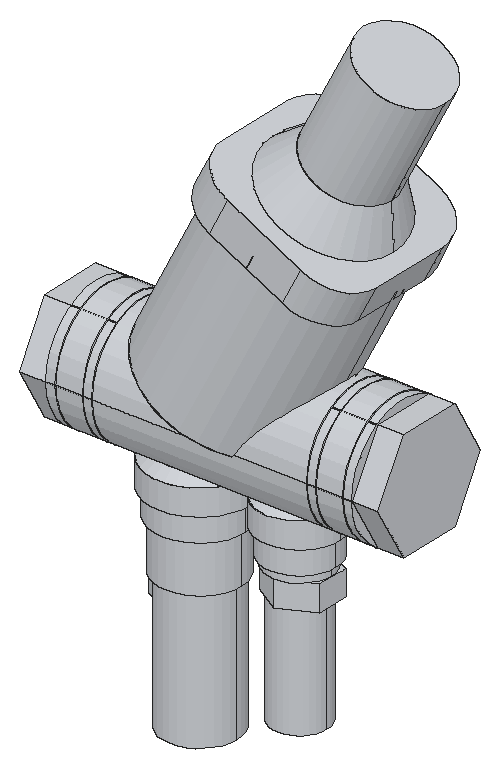
Revit family "Sigma_Compact_DN020 LF_s vyp_RFA_2018", category Pipe Accessories, Revit 2018
Family settings
  Round Connector Dimension = Use Diameter
  Part Type = Valve - Breaks Into
  Work Plane-Based = No
  Always vertical = Yes
  Cut with Voids When Loaded = No
  Shared = No
Parameters (values of type "Sigma Compact DN 20 LF s vypouštěním")
  magiProductId = "4441b8ffc9524b918ae82076b70c18"
  magiProductFamilyId = "b36b5fd198d64ff2a1a242d49e26b9"
  magiPartTypeId = 304
  isMeasuringValve [instance] = no
  ang2D [instance] = 0.00°
  Z6 = 26.1 mm
  Z5 = 60.9 mm
  Z4 = 52.2 mm
  Z3 = 8.7 mm
  Z2 = 43.5 mm
  XR2 = 25 mm
  XR1 = 13 mm
  W2D = 15 mm
  VersionID = "2.0/2018.12.13.2/FRESE_SIGMA_PLUG_Q13_001"
  Use Minimum Symbol Size [instance] = no
  URL = "www.hydronic.cz"
  Type Comments = "závitový; vnitřní závit; PN25; max dp=400kPa; -10~+120°C; max uzavírací tlak 1MPa"
  R4 = 15 mm
  R3 = 10 mm
  R2 = 14 mm
  R1 = 19 mm
  QmdConnectorList = "301;D;302;D"
  Productdata [instance] = ""
  NL__ve = -NL  # -15.8 mm
  NL = 15.8 mm
  Manufacturer = "Hydronic Systems Prague s.r.o."
  MC Use Limits From Balancing Method = no
  MC Throttling Minimum Value = 0
  MC Throttling Maximum Value = 0
  MC Product Code = "53-2222 DN20 FF s měřením a vypouštěním; (86-1550 l/h); kvs=4,0"
  MC Pressure Drop Minimum Value = 0.0 Pa
  MC Pressure Drop Maximum Value = 0.0 Pa
  MC Piping Given Pressure Drop [instance] = 0.0 Pa
  M5 = 33.7 mm
  M4 = 31.7 mm
  M3 = 25.7 mm
  M2 = 23.7 mm
  LP = 39.5 mm
  LM = 47.4 mm
  LL__ve = -LL  # -5.7 mm
  LLT__ve = -LLT  # -14.9 mm
  LLT = 14.9 mm
  LLL = 11 mm
  LL3 = 41 mm
  LL2 = 32 mm
  LL = 5.7 mm
  L3 = 11 mm
  L2D_Min = 30.48 mm
  L2D = 65 mm
  Description = "Automatický vyvažovací ventil"
  DR1 = yes
  DR0 = no
  DL2 = 66 mm
  D = 20 mm
  CenSd_R2_6 = R2 * cos(30.00°)  # 12.124 mm
  CAT0 = yes
  C0D1 = yes
  C0D0 = no
Types (3, lengths in mm): name | magiProductId | Z6 | Z5 | Z4 | Z3 | Z2 | R2 | NL__ve | NL | MC Product Code | M5 | M4 | M3 | M2 | LP | LM | LL__ve | LLT__ve | LLT | LL3 | LL2 | LL | DL2 | D | CenSd_R2_6
  Sigma Compact DN 15 LF s vypouštěním | "4da2706faa094394a6b47e72802cb6" | 26.1 | 60.9 | 52.2 | 8.7 | 43.5 | 14 | -15 | 15 | "53-2220 DN15 FF s měřením a vypouštěním; (40-900 l/h); kvs=2,6" | 32.5 | 30.5 | 24.5 | 22.5 | 37.5 | 45 | -5.7 | -14.9 | 14.9 | 41 | 32 | 5.7 | 66 | 15 | 12.124
  Sigma Compact DN 20 LF s vypouštěním | "4441b8ffc9524b918ae82076b70c18" | 26.1 | 60.9 | 52.2 | 8.7 | 43.5 | 14 | -15.8 | 15.8 | "53-2222 DN20 FF s měřením a vypouštěním; (86-1550 l/h); kvs=4,0" | 33.7 | 31.7 | 25.7 | 23.7 | 39.5 | 47.4 | -5.7 | -14.9 | 14.9 | 41 | 32 | 5.7 | 66 | 20 | 12.124
  Sigma Compact DN 25 LF s vypouštěním | "c12e4a96aaac41ec97144b6aa94874" | 27 | 63 | 54 | 9 | 45 | 18 | -16.6 | 16.6 | "53-2228 DN25 FF s měřením a vypouštěním; (95-2000 l/h); kvs=3,9" | 34.9 | 32.9 | 26.9 | 24.9 | 41.5 | 49.8 | -5.9 | -16.3 | 16.3 | 43 | 34 | 5.9 | 68 | 25 | 15.588
Reference planes
  plane 1 "Center (Front/Back)": y = 0
  plane 2 "XYPLANE": z = 0
  plane 3 "Center (Left/Right)": x = 0
  plane 4 "408": x = 39.5
  plane 5 "407": x = -39.5
  plane 6 "404": z = -35.3
  plane 7 "403": z = -41
  plane 8 "402": z = -66
  plane 9 "213": x = -11
  plane 10 "168": z = -10.9
  plane 11 "167": z = -12.9
  plane 12 "166": z = -18.6
  plane 13 "165": z = -24.3
  plane 14 "164": z = -26.3
  plane 15 "154": z = 0
  plane 16 "152": y = 0
  plane 17 "151": z = -32
  plane 18 "150": x = 11
  plane 19 "75": through (318.218, 0, 679.605) normal (0.891, 0, -0.454)
  plane 20 "74": x = 33.7
  plane 21 "73": x = 31.7
  plane 22 "72": x = 25.7
  plane 23 "71": x = 23.7
  plane 24 "70": x = -33.7
  plane 25 "69": x = -31.7
  plane 26 "68": x = -25.7
  plane 27 "67": y = 0
  plane 28 "66": through (-666.893, 0, 343.166) normal (0.454, 0, 0.891)
  plane 29 "65": x = -23.7
  plane 30 "64": through (335.147, 0, 670.979) normal (0.891, 0, -0.454)
  plane 31 "63": through (-648.506, 0, 379.252) normal (0.454, 0, 0.891)
  plane 32 "62": through (352.076, 0, 662.353) normal (0.891, 0, -0.454)
  plane 33 "61": y = 19
  plane 34 "60": y = -19
  plane 35 "59": through (-644.557, 0, 387.003) normal (0.454, 0, 0.891)
  plane 36 "58": through (-640.607, 0, 394.755) normal (0.454, 0, 0.891)
  plane 37 "56": x = 0
  plane 38 "55": through (-668.255, 0, 340.493) normal (0.454, 0, 0.891)
  plane 39 "102XY": through (-668.255, 0, 340.493) normal (0.454, 0, 0.891)
  plane 40 "102XZ": y = 0
  plane 41 "102YZ": through (340.493, 0, 668.255) normal (0.891, 0, -0.454)
Forms (mm)
  Extrusion 1, solid
    sketch origin (39.5, -750, 0) x (0, 1, 0) y (0, 0, 1)
      loop
        line (764, 0) -> (757, 12.124) -> (743, 12.124) -> (736, 0) -> (743, -12.124) -> (757, -12.124) -> (764, 0)
    from 0 to -15.8 <- "NL__ve"
  Extrusion 2, solid
    sketch origin (-39.5, -750, 0) x (0, 1, 0) y (0, 0, 1)
      loop
        line (736, 0) -> (743, -12.124) -> (757, -12.124) -> (764, 0) -> (757, 12.124) -> (743, 12.124) -> (736, 0)
    from 0 to 15.8 <- "NL"
  Extrusion 3, solid, visible <- "C0D1"
    sketch origin (-750, 0, -66) x (1, 0, 0) y (0, 1, 0)
      loop
        circle (739, 0) r 8.2
    from 0 to 50
  Extrusion 4, solid, visible <- "DR1"
    sketch origin (-750, 0, -35.3) x (1, 0, 0) y (0, 1, 0)
      loop
        line (739, -8) -> (745.928, -4) -> (745.928, 4) -> (739, 8) -> (730.872, 4) -> (730.872, -4) -> (739, -8)
    from 0 to -5.7 <- "LL__ve"
  Extrusion 5, solid, visible <- "DR1"
    sketch origin (-750, 0, -35.3) x (1, 0, 0) y (0, 1, 0)
      loop
        circle (739, 0) r 9.2
    from 0 to 11 <- "LLL"
  Extrusion 6, solid, visible <- "DR1"
    sketch origin (-750, 0, -24.3) x (1, 0, 0) y (0, 1, 0)
      loop
        circle (739, 0) r 10.2
    from 0 to 5.7 <- "LL"
  Extrusion 7, solid, visible <- "DR1"
    sketch origin (-750, 0, -18.6) x (1, 0, 0) y (0, 1, 0)
      loop
        circle (739, 0) r 11.2
    from 0 to 5.7 <- "LL"
  Blend 8, solid, visible <- "DR1"
    base sketch origin (-750, 0, -10.9) x (1, 0, 0) y (0, 1, 0)
      loop
        circle (739, 0) r 8.7
    top sketch origin (-750, 0, -10.9) x (1, 0, 0) y (0, 1, 0)
      loop
        circle (739, 0) r 11.2
    from 0 to -2
  Extrusion 9, solid, visible <- "DR1"
    sketch origin (-750, 0, 0) x (1, 0, 0) y (0, 1, 0)
      loop
        circle (739, 0) r 8.7
    from 0 to -14.9 <- "LLT__ve"
  Extrusion 10, solid, visible <- "C0D0"
    sketch origin (-750, 0, -32) x (1, 0, 0) y (0, 1, 0)
      loop
        circle (739, 0) r 7.2
    from 0 to -25
  Extrusion 11, solid, visible <- "DR0"
    sketch origin (-750, 0, -26.3) x (1, 0, 0) y (0, 1, 0)
      loop
        line (739, -7) -> (745.062, -3.5) -> (745.062, 3.5) -> (739, 7) -> (731.738, 3.5) -> (731.738, -3.5) -> (739, -7)
    from 0 to -5.7 <- "LL__ve"
  Extrusion 12, solid, visible <- "DR0"
    sketch origin (-750, 0, -26.3) x (1, 0, 0) y (0, 1, 0)
      loop
        circle (739, 0) r 8.2
    from 0 to 2
  Extrusion 13, solid, visible <- "DR0"
    sketch origin (-750, 0, -18.6) x (1, 0, 0) y (0, 1, 0)
      loop
        circle (739, 0) r 10.2
    from 0 to 5.7 <- "LL"
  Blend 14, solid, visible <- "DR0"
    base sketch origin (-750, 0, -10.9) x (1, 0, 0) y (0, 1, 0)
      loop
        circle (739, 0) r 7.7
    top sketch origin (-750, 0, -10.9) x (1, 0, 0) y (0, 1, 0)
      loop
        circle (739, 0) r 10.2
    from 0 to -2
  Extrusion 15, solid, visible <- "DR0"
    sketch origin (-750, 0, 0) x (1, 0, 0) y (0, 1, 0)
      loop
        circle (739, 0) r 7.7
    from 0 to -14.9 <- "LLT__ve"
  Extrusion 16, solid, visible <- "DR0"
    sketch origin (-750, 0, 0) x (1, 0, 0) y (0, 1, 0)
      loop
        circle (739, 0) r 7.7
    from 0 to -14.9 <- "LLT__ve"
  Blend 17, solid, visible <- "DR0"
    base sketch origin (-750, 0, -10.9) x (1, 0, 0) y (0, 1, 0)
      loop
        circle (739, 0) r 7.7
    top sketch origin (-750, 0, -10.9) x (1, 0, 0) y (0, 1, 0)
      loop
        circle (739, 0) r 10.2
    from 0 to -2
  Extrusion 18, solid, visible <- "DR0"
    sketch origin (-750, 0, -18.6) x (1, 0, 0) y (0, 1, 0)
      loop
        circle (739, 0) r 10.2
    from 0 to 5.7 <- "LL"
  Extrusion 19, solid, visible <- "DR0"
    sketch origin (-750, 0, -24.3) x (1, 0, 0) y (0, 1, 0)
      loop
        circle (739, 0) r 9.2
    from 0 to 5.7 <- "LL"
  Extrusion 20, solid, visible <- "DR0"
    sketch origin (-750, 0, -26.3) x (1, 0, 0) y (0, 1, 0)
      loop
        circle (739, 0) r 8.2
    from 0 to 2
  Extrusion 21, solid, visible <- "DR0"
    sketch origin (-750, 0, -26.3) x (1, 0, 0) y (0, 1, 0)
      loop
        line (739, -7) -> (745.062, -3.5) -> (745.062, 3.5) -> (739, 7) -> (731.738, 3.5) -> (731.738, -3.5) -> (739, -7)
    from 0 to -5.7 <- "LL__ve"
  Extrusion 22, solid, visible <- "C0D0"
    sketch origin (-750, 0, -32) x (1, 0, 0) y (0, 1, 0)
      loop
        circle (739, 0) r 7.2
    from 0 to -25
  Extrusion 23, solid, visible <- "CAT0"
    sketch origin (-750, 0, -32) x (1, 0, 0) y (0, 1, 0)
      loop
        circle (761, 0) r 6
    from 0 to -25
  Extrusion 24, solid
    sketch origin (-750, 0, -26.3) x (1, 0, 0) y (0, 1, 0)
      loop
        line (761, -7) -> (768.262, -3.5) -> (768.262, 3.5) -> (761, 7) -> (754.938, 3.5) -> (754.938, -3.5) -> (761, -7)
    from 0 to -5.7 <- "LL__ve"
  Extrusion 25, solid
    sketch origin (-750, 0, -26.3) x (1, 0, 0) y (0, 1, 0)
      loop
        circle (761, 0) r 7
    from 0 to 2
  Extrusion 26, solid
    sketch origin (-750, 0, -24.3) x (1, 0, 0) y (0, 1, 0)
      loop
        circle (761, 0) r 8
    from 0 to 5.7 <- "LL"
  Extrusion 27, solid
    sketch origin (-750, 0, -18.6) x (1, 0, 0) y (0, 1, 0)
      loop
        circle (761, 0) r 9
    from 0 to 5.7 <- "LL"
  Blend 28, solid
    base sketch origin (-750, 0, -10.9) x (1, 0, 0) y (0, 1, 0)
      loop
        circle (761, 0) r 6.5
    top sketch origin (-750, 0, -10.9) x (1, 0, 0) y (0, 1, 0)
      loop
        circle (761, 0) r 9
    from 0 to -2
  Extrusion 29, solid
    sketch origin (-750, 0, 0) x (1, 0, 0) y (0, 1, 0)
      loop
        circle (761, 0) r 6.5
    from 0 to -14.9 <- "LLT__ve"
  Blend 30, solid, visible <- "CAT0"
    base sketch origin (31.7, -750, 0) x (0, 1, 0) y (0, 0, 1)
      loop
        circle (750, 0) r 14
    top sketch origin (31.7, -750, 0) x (0, 1, 0) y (0, 0, 1)
      loop
        circle (750, 0) r 14
    from 0 to 2
  Extrusion 31, solid, visible <- "CAT0"
    sketch origin (25.7, -750, 0) x (0, 1, 0) y (0, 0, 1)
      loop
        circle (750, 0) r 14
    from 0 to 6
  Blend 32, solid, visible <- "CAT0"
    base sketch origin (23.7, -750, 0) x (0, 1, 0) y (0, 0, 1)
      loop
        circle (750, 0) r 14
    top sketch origin (23.7, -750, 0) x (0, 1, 0) y (0, 0, 1)
      loop
        circle (750, 0) r 14
    from 0 to 2
  Blend 33, solid, visible <- "CAT0"
    base sketch origin (-31.7, -750, 0) x (0, 1, 0) y (0, 0, 1)
      loop
        circle (750, 0) r 14
    top sketch origin (-31.7, -750, 0) x (0, 1, 0) y (0, 0, 1)
      loop
        circle (750, 0) r 14
    from 0 to -2
  Extrusion 34, solid, visible <- "CAT0"
    sketch origin (-31.7, -750, 0) x (0, 1, 0) y (0, 0, 1)
      loop
        circle (750, 0) r 14
    from 0 to 6
  Blend 35, solid, visible <- "CAT0"
    base sketch origin (-25.7, -750, 0) x (0, 1, 0) y (0, 0, 1)
      loop
        circle (750, 0) r 14
    top sketch origin (-25.7, -750, 0) x (0, 1, 0) y (0, 0, 1)
      loop
        circle (750, 0) r 14
    from 0 to 2
  Extrusion 36, solid, visible <- "CAT0"
    sketch origin (-23.7, -750, 0) x (0, 1, 0) y (0, 0, 1)
      loop
        circle (750, 0) r 14
    from 0 to 47.4 <- "LM"
  Extrusion 37, solid, visible <- "CAT0"
    sketch origin (-666.893, 0, 343.166) x (0.891007, 0, -0.45399) y (0, 1, 0)
      loop
        circle (744, 0) r 19
    from 0 to 43.5 <- "Z2"
  Extrusion 38, solid, visible <- "CAT0"
    sketch origin (-648.506, 0, 379.252) x (0.891007, 0, -0.45399) y (0, 1, 0)
      loop
        arc (735, 19) -> (727.929, 16.071) -> (725, 9) r 10
        line (725, 9) -> (725, -9)
        arc (725, -9) -> (727.929, -16.071) -> (735, -19) r 10
        line (735, -19) -> (753, -19)
        arc (753, -19) -> (760.071, -16.071) -> (763, -9) r 10
        line (763, -9) -> (763, 9)
        arc (763, 9) -> (760.071, 16.071) -> (753, 19) r 10
        line (753, 19) -> (735, 19)
    from 0 to 8.7 <- "Z3"
  Blend 39, solid, visible <- "CAT0"
    base sketch origin (-644.557, 0, 387.003) x (0.891007, 0, -0.45399) y (0, 1, 0)
      loop
        circle (744, 0) r 15
    top sketch origin (-644.557, 0, 387.003) x (0.891007, 0, -0.45399) y (0, 1, 0)
      loop
        circle (744, 0) r 10
    from 0 to 8.7
  Extrusion 40, solid, visible <- "CAT0"
    sketch origin (-640.607, 0, 394.755) x (0.891007, 0, -0.45399) y (0, 1, 0)
      loop
        circle (744, 0) r 10
    from 0 to 26.1 <- "Z6"
  Blend 41, solid, visible <- "CAT0"
    base sketch origin (-668.255, 0, 340.493) x (0.891007, 0, -0.45399) y (0, 1, 0)
      loop
        circle (744, 0) r 15
    top sketch origin (-668.255, 0, 340.493) x (0.891007, 0, -0.45399) y (0, 1, 0)
      loop
        circle (744, 0) r 19
    from 0 to 3
  Extrusion 42, solid, not visible
    sketch origin (-33.7, -750, 0) x (0, 1, 0) y (0, 0, 1)
      loop
        circle (750, 0) r 10
    from 0 to 10
  Extrusion 43, solid, not visible
    sketch origin (33.7, -750, 0) x (0, 1, 0) y (0, 0, 1)
      loop
        circle (750, 0) r 10
    from 0 to -10
Lines and regions (mm)
  reference lines, not visible
    curve 1: circle (2, 2, 0) r 1 normal (0, 0, 1)
  reference lines
    curve 2: line (39.5, 0, 0) -> (39.5, -3.5, 6.062)
    curve 3: line (39.5, 0, 0) -> (39.5, -7, 0)
    curve 4: line (39.5, 0, 0) -> (39.5, -3.5, -6.062)
    curve 5: line (-39.5, 0, 0) -> (-39.5, 3.5, 6.062)
    curve 6: line (-39.5, 0, 0) -> (-39.5, 7, 0)
    curve 7: line (-39.5, 0, 0) -> (-39.5, 3.5, -6.062)
Dimensions and locks
  plane 1 "Center (Front/Back)" to curve 1 = 2 mm
  "LP": plane 37 "56" to plane 4 "408"
  "LP": plane 37 "56" to plane 5 "407"
  "LL": plane 7 "403" to plane 6 "404"
  "LL3": plane 2 "XYPLANE" to plane 7 "403"
  "DL2": plane 2 "XYPLANE" to plane 8 "402"
  "L3": plane 3 "Center (Left/Right)" to plane 9 "213"
  locked: plane 11 "167" to plane 10 "168" at 2
  "LL": plane 12 "166" to plane 11 "167"
  "LL": plane 13 "165" to plane 12 "166"
  locked: plane 14 "164" to plane 13 "165" at 2
  "LL": plane 17 "151" to plane 14 "164"
  locked: plane 2 "XYPLANE" to plane 15 "154"
  locked: plane 1 "Center (Front/Back)" to plane 16 "152"
  "LL2": plane 2 "XYPLANE" to plane 17 "151"
  "L3": plane 3 "Center (Left/Right)" to plane 18 "150"
  "XR2": plane 41 "102YZ" to plane 19 "75"
  "M5": plane 3 "Center (Left/Right)" to plane 20 "74"
  "M4": plane 3 "Center (Left/Right)" to plane 21 "73"
  "M3": plane 3 "Center (Left/Right)" to plane 22 "72"
  "M2": plane 3 "Center (Left/Right)" to plane 23 "71"
  "M5": plane 3 "Center (Left/Right)" to plane 24 "70"
  "M4": plane 3 "Center (Left/Right)" to plane 25 "69"
  "M3": plane 3 "Center (Left/Right)" to plane 26 "68"
  locked: plane 16 "152" to plane 27 "67"
  locked: plane 39 "102XY" to plane 28 "66" at 3
  "M2": plane 3 "Center (Left/Right)" to plane 29 "65"
  locked: plane 41 "102YZ" to plane 30 "64" at 6
  "Z2": plane 39 "102XY" to plane 31 "63"
  "XR1": plane 41 "102YZ" to plane 32 "62"
  "R1": plane 16 "152" to plane 33 "61"
  "R1": plane 16 "152" to plane 34 "60"
  "Z4": plane 39 "102XY" to plane 35 "59"
  "Z5": plane 39 "102XY" to plane 36 "58"
  locked: plane 3 "Center (Left/Right)" to plane 37 "56"
  locked: plane 39 "102XY" to plane 38 "55"
  "CenSd_R2_6": curve 2 to Extrusion 1 sketch curve  (x2)
  "CenSd_R2_6": curve 3 to Extrusion 1 sketch curve  (x2)
  "CenSd_R2_6": curve 4 to Extrusion 1 sketch curve  (x2)
  Extrusion 1 sketch curve to Extrusion 1 sketch curve = 0 mm  (x12)
  "CenSd_R2_6": curve 5 to Extrusion 2 sketch curve  (x2)
  "CenSd_R2_6": curve 6 to Extrusion 2 sketch curve  (x2)
  "CenSd_R2_6": curve 7 to Extrusion 2 sketch curve  (x2)
  Extrusion 2 sketch curve to Extrusion 2 sketch curve = 0 mm  (x12)
  Extrusion 4 sketch curve to Extrusion 4 sketch curve = 0 mm  (x12)
  Extrusion 11 sketch curve to Extrusion 11 sketch curve = 0 mm  (x12)
  Extrusion 21 sketch curve to Extrusion 21 sketch curve = 0 mm  (x12)
  Extrusion 24 sketch curve to Extrusion 24 sketch curve = 0 mm  (x12)
  Extrusion 38 sketch curve to Extrusion 38 sketch curve = 0 mm  (x16)
  "R2": radius of Blend 30 sketch curve  (x2)
  "R2": radius of Extrusion 31 sketch curve
  "R2": radius of Blend 32 sketch curve  (x2)
  "R2": radius of Blend 33 sketch curve  (x2)
  "R2": radius of Extrusion 34 sketch curve
  "R2": radius of Blend 35 sketch curve  (x2)
  "R2": radius of Extrusion 36 sketch curve
  "R1": radius of Extrusion 37 sketch curve
  radius of Extrusion 38 sketch curve = 10 mm  (x4)
  "R3": radius of Blend 39 sketch curve
  "R4": radius of Blend 39 sketch curve
  "R3": radius of Extrusion 40 sketch curve
  "R1": radius of Blend 41 sketch curve
  locked: curve 3 to curve 2 (angle 60.00°)
  locked: curve 4 to curve 3 (angle 60.00°)
  locked: curve 4 to curve 2 (angle 120.00°)
  locked: curve 6 to curve 5 (angle 60.00°)
  locked: curve 7 to curve 6 (angle 60.00°)
  locked: curve 7 to curve 5 (angle 120.00°)
  aligned and locked: level to plane 2 "XYPLANE"
  aligned and locked: plane 15 "154" to curve 4
  aligned and locked: curve 4 to plane 16 "152"
  aligned and locked: plane 15 "154" to curve 7
  aligned and locked: curve 7 to plane 16 "152"
  aligned and locked: plane 9 "213" to Extrusion 3 sketch curve
  aligned and locked: plane 16 "152" to Extrusion 3 sketch curve
  aligned and locked: plane 9 "213" to Extrusion 5 sketch curve
  aligned and locked: plane 16 "152" to Extrusion 5 sketch curve
  aligned and locked: plane 9 "213" to Extrusion 6 sketch curve
  aligned and locked: plane 16 "152" to Extrusion 6 sketch curve
  aligned and locked: plane 9 "213" to Extrusion 7 sketch curve
  aligned and locked: plane 16 "152" to Extrusion 7 sketch curve
  aligned and locked: plane 9 "213" to Blend 8 sketch curve  (x2)
  aligned and locked: plane 16 "152" to Blend 8 sketch curve  (x2)
  aligned and locked: Blend 8 to plane 11 "167"
  aligned and locked: plane 9 "213" to Extrusion 9 sketch curve
  aligned and locked: plane 16 "152" to Extrusion 9 sketch curve
  aligned and locked: plane 9 "213" to Extrusion 10 sketch curve
  aligned and locked: plane 16 "152" to Extrusion 10 sketch curve
  aligned and locked: plane 9 "213" to Extrusion 12 sketch curve
  aligned and locked: plane 16 "152" to Extrusion 12 sketch curve
  aligned and locked: plane 9 "213" to Extrusion 13 sketch curve
  aligned and locked: plane 16 "152" to Extrusion 13 sketch curve
  aligned and locked: plane 9 "213" to Blend 14 sketch curve  (x2)
  aligned and locked: plane 16 "152" to Blend 14 sketch curve  (x2)
  aligned and locked: Blend 14 to plane 11 "167"
  aligned and locked: plane 9 "213" to Extrusion 15 sketch curve
  aligned and locked: plane 16 "152" to Extrusion 15 sketch curve
  aligned and locked: plane 9 "213" to Extrusion 16 sketch curve
  aligned and locked: plane 16 "152" to Extrusion 16 sketch curve
  aligned and locked: plane 9 "213" to Blend 17 sketch curve  (x2)
  aligned and locked: plane 16 "152" to Blend 17 sketch curve  (x2)
  aligned and locked: Blend 17 to plane 11 "167"
  aligned and locked: plane 9 "213" to Extrusion 18 sketch curve
  aligned and locked: plane 16 "152" to Extrusion 18 sketch curve
  aligned and locked: plane 9 "213" to Extrusion 19 sketch curve
  aligned and locked: plane 16 "152" to Extrusion 19 sketch curve
  aligned and locked: plane 9 "213" to Extrusion 20 sketch curve
  aligned and locked: plane 16 "152" to Extrusion 20 sketch curve
  aligned and locked: plane 9 "213" to Extrusion 22 sketch curve
  aligned and locked: plane 16 "152" to Extrusion 22 sketch curve
  aligned and locked: plane 16 "152" to Extrusion 23 sketch curve
  aligned and locked: plane 18 "150" to Extrusion 23 sketch curve
  aligned and locked: plane 16 "152" to Extrusion 25 sketch curve
  aligned and locked: plane 18 "150" to Extrusion 25 sketch curve
  aligned and locked: plane 16 "152" to Extrusion 26 sketch curve
  aligned and locked: plane 18 "150" to Extrusion 26 sketch curve
  aligned and locked: plane 16 "152" to Extrusion 27 sketch curve
  aligned and locked: plane 18 "150" to Extrusion 27 sketch curve
  aligned and locked: plane 16 "152" to Blend 28 sketch curve  (x2)
  aligned and locked: plane 18 "150" to Blend 28 sketch curve  (x2)
  aligned and locked: Blend 28 to plane 11 "167"
  aligned and locked: plane 16 "152" to Extrusion 29 sketch curve
  aligned and locked: plane 18 "150" to Extrusion 29 sketch curve
  aligned and locked: plane 15 "154" to Blend 30 sketch curve  (x2)
  aligned and locked: Blend 30 sketch curve to plane 16 "152"  (x2)
  aligned and locked: plane 20 "74" to Blend 30
  aligned and locked: plane 15 "154" to Extrusion 31 sketch curve
  aligned and locked: Extrusion 31 sketch curve to plane 16 "152"
  aligned and locked: plane 15 "154" to Blend 32 sketch curve  (x2)
  aligned and locked: Blend 32 sketch curve to plane 16 "152"  (x2)
  aligned and locked: plane 22 "72" to Blend 32
  aligned and locked: plane 15 "154" to Blend 33 sketch curve  (x2)
  aligned and locked: Blend 33 sketch curve to plane 16 "152"  (x2)
  aligned and locked: Blend 33 to plane 24 "70"
  aligned and locked: plane 15 "154" to Extrusion 34 sketch curve
  aligned and locked: Extrusion 34 sketch curve to plane 16 "152"
  aligned and locked: plane 15 "154" to Blend 35 sketch curve  (x2)
  aligned and locked: Blend 35 sketch curve to plane 16 "152"  (x2)
  aligned and locked: plane 29 "65" to Blend 35
  aligned and locked: plane 15 "154" to Extrusion 36 sketch curve
  aligned and locked: Extrusion 36 sketch curve to plane 16 "152"
  aligned and locked: plane 27 "67" to Extrusion 37 sketch curve
  aligned and locked: Extrusion 37 sketch curve to plane 30 "64"
  aligned and locked: Extrusion 38 sketch curve to plane 19 "75"
  aligned and locked: Extrusion 38 sketch curve to plane 34 "60"
  aligned and locked: Extrusion 38 sketch curve to plane 32 "62"
  aligned and locked: plane 33 "61" to Extrusion 38 sketch curve
  aligned and locked: plane 27 "67" to Blend 39 sketch curve  (x2)
  aligned and locked: Blend 39 sketch curve to plane 30 "64"  (x2)
  aligned and locked: plane 36 "58" to Blend 39
  aligned and locked: plane 27 "67" to Extrusion 40 sketch curve
  aligned and locked: Extrusion 40 sketch curve to plane 30 "64"
  aligned and locked: plane 27 "67" to Blend 41 sketch curve  (x2)
  aligned and locked: Blend 41 sketch curve to plane 30 "64"  (x2)
  aligned and locked: plane 28 "66" to Blend 41
  aligned and locked: plane 15 "154" to Extrusion 42 sketch curve
  aligned and locked: Extrusion 42 sketch curve to plane 16 "152"
  aligned and locked: plane 15 "154" to Extrusion 43 sketch curve
  aligned and locked: Extrusion 43 sketch curve to plane 16 "152"
Automatic sketch dimensions
  plane 29 "65" to Extrusion 3 sketch curve = 4.5 mm
  Extrusion 4 sketch curve to plane 9 "213" = 0 mm  (x2)
  plane 29 "65" to Extrusion 4 sketch curve = 4.572 mm
  Extrusion 4 sketch curve to plane 3 "Center (Left/Right)" = 4.072 mm
  plane 1 "Center (Front/Back)" to Extrusion 4 sketch curve = 8 mm
  plane 1 "Center (Front/Back)" to Extrusion 4 sketch curve = 4 mm  (x2)
  Extrusion 4 sketch curve to plane 1 "Center (Front/Back)" = 4 mm  (x2)
  Extrusion 4 sketch curve to Extrusion 4 sketch curve = 4 mm
  plane 29 "65" to Extrusion 5 sketch curve = 3.5 mm
  plane 29 "65" to Extrusion 6 sketch curve = 2.5 mm
  plane 29 "65" to Extrusion 7 sketch curve = 1.5 mm
  plane 29 "65" to Blend 8 sketch curve = 4 mm
  plane 29 "65" to Blend 8 sketch curve = 1.5 mm
  plane 29 "65" to Extrusion 9 sketch curve = 4 mm
  plane 29 "65" to Extrusion 10 sketch curve = 5.5 mm
  Extrusion 11 sketch curve to plane 9 "213" = 0 mm  (x2)
  plane 29 "65" to Extrusion 11 sketch curve = 5.438 mm
  Extrusion 11 sketch curve to plane 3 "Center (Left/Right)" = 4.938 mm
  plane 1 "Center (Front/Back)" to Extrusion 11 sketch curve = 7 mm
  plane 1 "Center (Front/Back)" to Extrusion 11 sketch curve = 3.5 mm  (x2)
  Extrusion 11 sketch curve to plane 1 "Center (Front/Back)" = 3.5 mm  (x2)
  Extrusion 11 sketch curve to Extrusion 11 sketch curve = 3.5 mm
  plane 29 "65" to Extrusion 12 sketch curve = 4.5 mm
  plane 29 "65" to Extrusion 13 sketch curve = 2.5 mm
  plane 29 "65" to Blend 14 sketch curve = 5 mm
  plane 29 "65" to Blend 14 sketch curve = 2.5 mm
  plane 29 "65" to Extrusion 15 sketch curve = 5 mm
  plane 29 "65" to Extrusion 16 sketch curve = 5 mm
  plane 29 "65" to Blend 17 sketch curve = 5 mm
  plane 29 "65" to Blend 17 sketch curve = 2.5 mm
  plane 29 "65" to Extrusion 18 sketch curve = 2.5 mm
  plane 29 "65" to Extrusion 19 sketch curve = 3.5 mm
  plane 29 "65" to Extrusion 20 sketch curve = 4.5 mm
  Extrusion 21 sketch curve to plane 9 "213" = 0 mm  (x2)
  plane 29 "65" to Extrusion 21 sketch curve = 5.438 mm
  Extrusion 21 sketch curve to plane 3 "Center (Left/Right)" = 4.938 mm
  plane 1 "Center (Front/Back)" to Extrusion 21 sketch curve = 7 mm
  plane 1 "Center (Front/Back)" to Extrusion 21 sketch curve = 3.5 mm  (x2)
  Extrusion 21 sketch curve to plane 1 "Center (Front/Back)" = 3.5 mm  (x2)
  Extrusion 21 sketch curve to Extrusion 21 sketch curve = 3.5 mm
  plane 29 "65" to Extrusion 22 sketch curve = 5.5 mm
  plane 3 "Center (Left/Right)" to Extrusion 23 sketch curve = 5 mm
  Extrusion 24 sketch curve to plane 18 "150" = 0 mm  (x2)
  plane 3 "Center (Left/Right)" to Extrusion 24 sketch curve = 4.938 mm
  Extrusion 24 sketch curve to plane 23 "71" = 5.438 mm
  plane 1 "Center (Front/Back)" to Extrusion 24 sketch curve = 7 mm
  plane 1 "Center (Front/Back)" to Extrusion 24 sketch curve = 3.5 mm  (x2)
  Extrusion 24 sketch curve to plane 1 "Center (Front/Back)" = 3.5 mm  (x2)
  Extrusion 24 sketch curve to Extrusion 24 sketch curve = 3.5 mm
  plane 3 "Center (Left/Right)" to Extrusion 25 sketch curve = 4 mm
  plane 3 "Center (Left/Right)" to Extrusion 26 sketch curve = 3 mm
  plane 3 "Center (Left/Right)" to Extrusion 27 sketch curve = 2 mm
  plane 3 "Center (Left/Right)" to Blend 28 sketch curve = 4.5 mm
  plane 3 "Center (Left/Right)" to Blend 28 sketch curve = 2 mm
  plane 3 "Center (Left/Right)" to Extrusion 29 sketch curve = 4.5 mm
  plane 19 "75" to Blend 41 sketch curve = 4 mm
  plane 34 "60" to Extrusion 42 sketch curve = 9 mm
  plane 34 "60" to Extrusion 43 sketch curve = 9 mm
  plane 3 "Center (Left/Right)" to curve 1 = 2 mm
  radius of curve 1 = 1 mm
Connectors
  piping at (-33.7, 0, 0), diameter 20, driven by "D"
    settings: on Extrusion 42, index 1, connector inside diameter 609.6 mm, connector length 0 mm, flow factor 0, pipe flow 0.0 L/s, pressure drop 0.0 Pa, fitting loss kfactor 0, connector angle 0.00°, fixture units 0, engagement length 0 mm, angle of deflection 0.00°, flow configuration 0, flow direction 0, fitting loss method 0, system type 29, joint type 0, gender type 0, connector reference index 2, connector utility 0, adjustable connector no, is connector primary yes, connector description ""
  piping at (33.7, 0, 0), diameter 20, driven by "D"
    settings: on Extrusion 43, index 2, connector inside diameter 609.6 mm, connector length 0 mm, flow factor 0, pipe flow 0.0 L/s, pressure drop 0.0 Pa, fitting loss kfactor 0, connector angle 0.00°, fixture units 0, engagement length 0 mm, angle of deflection 0.00°, flow configuration 0, flow direction 0, fitting loss method 0, system type 29, joint type 0, gender type 0, connector reference index 1, connector utility 0, adjustable connector no, is connector primary no, connector description ""
